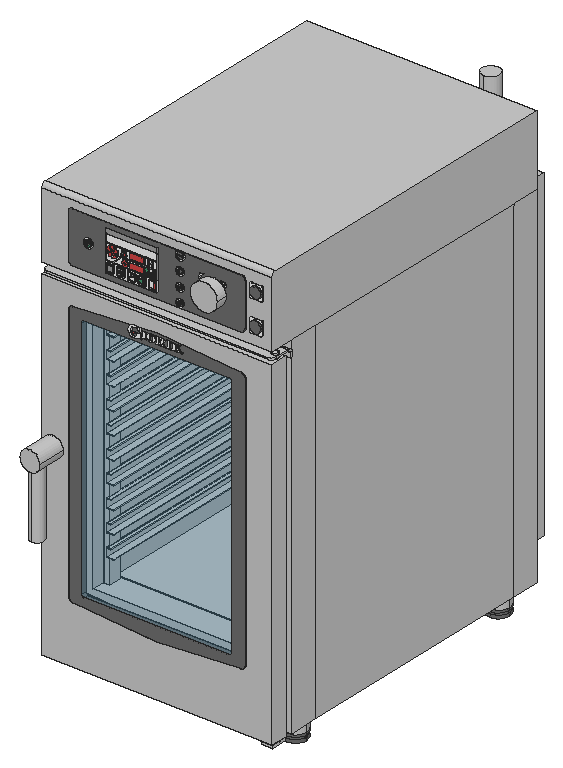
Revit family "QF_GIORIK_KH101_KT101_KP101_KH101W_KT101W_KP101W", category Specialty Equipment, Revit 2014 (continued)
Automatic sketch dimensions
  curve 36 to curve 27 = 3.5 mm
  Extrusion 1 sketch curve to plane 3 "Left" = 0 mm
  plane 4 "Right" to Extrusion 1 sketch curve = 0 mm
  Extrusion 1 sketch curve to plane 7 "Legs height" = 0 mm
  Extrusion 1 sketch curve to plane 6 "Top" = 160 mm
  plane 4 "Right" to Extrusion 2 sketch curve = 0 mm
  Extrusion 2 sketch curve to plane 7 "Legs height" = 0 mm
  plane 4 "Right" to Extrusion 2 sketch curve = 60 mm
  Extrusion 2 sketch curve to Extrusion 2 sketch curve = 10 mm  (x3)
  plane 4 "Right" to Extrusion 2 sketch curve = 259.5 mm  (x2)
  plane 3 "Left" to Extrusion 2 sketch curve = 70 mm  (x2)
  plane 3 "Left" to Extrusion 2 sketch curve = 0 mm
  Extrusion 2 sketch curve to level = 619.096 mm
  plane 7 "Legs height" to Extrusion 2 sketch curve = 140.46 mm  (x2)
  Extrusion 2 sketch curve to plane 6 "Top" = 235.46 mm  (x2)
  Extrusion 2 sketch curve to Extrusion 2 sketch curve = 50.46 mm
  plane 6 "Top" to Extrusion 2 sketch curve = 579.096 mm
  Extrusion 2 sketch curve to Extrusion 2 sketch curve = 0 mm  (x2)
  plane 4 "Right" to Extrusion 4 sketch curve = 90 mm
  Extrusion 4 sketch curve to Extrusion 4 sketch curve = 6 mm  (x3)
  plane 3 "Left" to Extrusion 4 sketch curve = 96 mm  (x2)
  plane 7 "Legs height" to Extrusion 4 sketch curve = 150 mm
  Extrusion 4 sketch curve to plane 6 "Top" = 251 mm
  plane 8 "Front oven" to Extrusion 5 sketch curve = 30 mm  (x2)
  Extrusion 5 sketch curve to Extrusion 5 sketch curve = 1 mm  (x12)
  Extrusion 5 sketch curve to Extrusion 5 sketch curve = 12 mm  (x2)
  Extrusion 5 sketch curve to Extrusion 5 sketch curve = 14 mm  (x2)
  plane 3 "Left" to Extrusion 5 sketch curve = 85 mm  (x2)
  plane 1 "Back" to Extrusion 5 sketch curve = 252 mm  (x2)
  plane 4 "Right" to Extrusion 5 sketch curve = 85 mm  (x2)
  Extrusion 5 sketch curve to Extrusion 5 sketch curve = 24 mm  (x2)
  Extrusion 5 sketch curve to Extrusion 5 sketch curve = 7 mm  (x2)
  Extrusion 5 sketch curve to Extrusion 5 sketch curve = 13.5 mm  (x2)
  Extrusion 5 sketch curve to Extrusion 5 sketch curve = 20.5 mm
  Extrusion 5 sketch curve to Extrusion 5 sketch curve = 21.5 mm
  Extrusion 7 sketch curve to plane 5 "Front" = 0 mm  (x2)
  plane 1 "Back" to Extrusion 7 sketch curve = 0 mm
  Extrusion 7 sketch curve to plane 3 "Left" = 0 mm
  Extrusion 7 sketch curve to plane 4 "Right" = 0 mm
  Extrusion 7 sketch curve to Extrusion 7 sketch curve = 100 mm  (x2)
  Extrusion 7 sketch curve to plane 1 "Back" = 100 mm
  Extrusion 8 sketch curve to plane 4 "Right" = 0 mm
  Extrusion 8 sketch curve to plane 5 "Front" = 0 mm
  Extrusion 8 sketch curve to plane 5 "Front" = 8.06 mm
  Extrusion 8 sketch curve to Extrusion 8 sketch curve = 510.94 mm
  plane 4 "Right" to Extrusion 8 sketch curve = 7.063 mm
  plane 4 "Right" to Extrusion 8 sketch curve = 40 mm
  plane 4 "Right" to Extrusion 9 sketch curve = 60 mm
  Extrusion 9 sketch curve to Extrusion 9 sketch curve = 10 mm  (x3)
  Extrusion 9 sketch curve to Extrusion 9 sketch curve = 20 mm  (x3)
  Extrusion 9 sketch curve to Extrusion 9 sketch curve = 6 mm  (x3)
  plane 4 "Right" to Extrusion 9 sketch curve = 259.5 mm  (x2)
  plane 3 "Left" to Extrusion 9 sketch curve = 96 mm  (x2)
  Extrusion 9 sketch curve to level = 619.096 mm
  plane 7 "Legs height" to Extrusion 9 sketch curve = 140.46 mm  (x2)
  Extrusion 9 sketch curve to Extrusion 9 sketch curve = 9.54 mm
  Extrusion 9 sketch curve to plane 6 "Top" = 251 mm
  Extrusion 9 sketch curve to Extrusion 9 sketch curve = 15.54 mm  (x2)
  plane 6 "Top" to Extrusion 9 sketch curve = 579.096 mm
  Extrusion 9 sketch curve to Extrusion 9 sketch curve = 0 mm  (x2)
  plane 1 "Back" to Extrusion 11 sketch curve = 21 mm
  plane 4 "Right" to Extrusion 11 sketch curve = 219 mm
  curve 3 to plane 5 "Front" = 0 mm
  curve 1 to plane 5 "Front" = 0 mm
  curve 3 to plane 4 "Right" = 100 mm
  curve 2 to plane 3 "Left" = 100 mm
  curve 3 to plane 1 "Back" = 100 mm
  plane 3 "Left" to Extrusion 12 sketch curve = 69.5 mm
  plane 4 "Right" to Extrusion 12 sketch curve = 69.5 mm
  plane 7 "Legs height" to Extrusion 12 sketch curve = 134 mm
  Extrusion 12 sketch curve to plane 6 "Top" = 211 mm
  Extrusion 14 sketch curve to Extrusion 14 sketch curve = 0 mm  (x3)
  Extrusion 14 sketch curve to plane 8 "Front oven" = 0 mm
  Extrusion 14 sketch curve to plane 8 "Front oven" = 3 mm
  Extrusion 14 sketch curve to Extrusion 14 sketch curve = 5.5 mm
  Extrusion 14 sketch curve to plane 6 "Top" = 194 mm
  Extrusion 14 sketch curve to Extrusion 14 sketch curve = 10.501 mm
  Extrusion 14 sketch curve to Extrusion 14 sketch curve = 3 mm
  Extrusion 15 sketch curve to plane 5 "Front" = 0 mm
  Extrusion 15 sketch curve to plane 3 "Left" = 0 mm
  plane 4 "Right" to Extrusion 15 sketch curve = 0 mm
  plane 5 "Front" to Extrusion 15 sketch curve = 10 mm  (x2)
  Extrusion 15 sketch curve to plane 8 "Front oven" = 8.5 mm
  Extrusion 16 sketch curve to Extrusion 16 sketch curve = 0 mm  (x7)
  Extrusion 16 sketch curve to plane 6 "Top" = 89.092 mm
  plane 4 "Right" to Extrusion 16 sketch curve = 260.245 mm
  Extrusion 16 sketch curve to Extrusion 16 sketch curve = 2.604 mm  (x6)
  Extrusion 16 sketch curve to Extrusion 16 sketch curve = 1.396 mm  (x5)
  Extrusion 16 sketch curve to Extrusion 16 sketch curve = 1.978 mm
  Extrusion 16 sketch curve to Extrusion 16 sketch curve = 10.872 mm
  Extrusion 16 sketch curve to Extrusion 16 sketch curve = 118.779 mm
  Extrusion 16 sketch curve to Extrusion 16 sketch curve = 0.7 mm  (x2)
  Extrusion 16 sketch curve to Extrusion 16 sketch curve = 0.8 mm  (x2)
  Extrusion 16 sketch curve to Extrusion 16 sketch curve = 2 mm  (x5)
  Extrusion 16 sketch curve to Extrusion 16 sketch curve = 0.685 mm
  Extrusion 16 sketch curve to Extrusion 16 sketch curve = 11.556 mm
  Extrusion 16 sketch curve to Extrusion 16 sketch curve = 5.556 mm
  Extrusion 16 sketch curve to Extrusion 16 sketch curve = 15.513 mm
  Extrusion 16 sketch curve to plane 6 "Top" = 85 mm
  Extrusion 16 sketch curve to Extrusion 16 sketch curve = 4.77 mm
  Extrusion 16 sketch curve to Extrusion 16 sketch curve = 1.555 mm
  Extrusion 16 sketch curve to Extrusion 16 sketch curve = 1.126 mm
  Extrusion 17 sketch curve to Extrusion 17 sketch curve = 0 mm  (x32)
  Extrusion 17 sketch curve to plane 6 "Top" = 120.283 mm
  plane 4 "Right" to Extrusion 17 sketch curve = 261.5 mm
  Extrusion 17 sketch curve to Extrusion 17 sketch curve = 1.5 mm  (x4)
  Extrusion 17 sketch curve to Extrusion 17 sketch curve = 24.398 mm
  Extrusion 17 sketch curve to Extrusion 17 sketch curve = 30 mm
  Extrusion 17 sketch curve to plane 6 "Top" = 93.8 mm
  Extrusion 17 sketch curve to Extrusion 17 sketch curve = 5.542 mm
  Extrusion 17 sketch curve to plane 6 "Top" = 92.86 mm
  Extrusion 17 sketch curve to Extrusion 17 sketch curve = 0.789 mm
  Extrusion 17 sketch curve to plane 6 "Top" = 97.385 mm
  Extrusion 17 sketch curve to Extrusion 17 sketch curve = 2.211 mm
  Extrusion 17 sketch curve to plane 6 "Top" = 98.402 mm
  Extrusion 17 sketch curve to Extrusion 17 sketch curve = 0.686 mm
  Extrusion 17 sketch curve to Extrusion 17 sketch curve = 9.164 mm
  Extrusion 17 sketch curve to plane 6 "Top" = 97.435 mm
  Extrusion 17 sketch curve to plane 6 "Top" = 95.9 mm
  Extrusion 17 sketch curve to plane 6 "Top" = 96.721 mm
  Extrusion 17 sketch curve to Extrusion 17 sketch curve = 1.058 mm
  Extrusion 17 sketch curve to Extrusion 17 sketch curve = 0.007 mm
  Extrusion 17 sketch curve to plane 6 "Top" = 98.932 mm
  Extrusion 17 sketch curve to Extrusion 17 sketch curve = 0.727 mm
  Extrusion 17 sketch curve to plane 6 "Top" = 92.248 mm
  Extrusion 17 sketch curve to Extrusion 17 sketch curve = 4.43 mm
  Extrusion 17 sketch curve to plane 6 "Top" = 87.723 mm
  Extrusion 17 sketch curve to Extrusion 17 sketch curve = 12.64 mm
  Extrusion 17 sketch curve to plane 6 "Top" = 77.074 mm
  Extrusion 17 sketch curve to Extrusion 17 sketch curve = 0.034 mm
  Extrusion 17 sketch curve to plane 6 "Top" = 83.449 mm
  Extrusion 17 sketch curve to Extrusion 17 sketch curve = 1.389 mm
  Extrusion 17 sketch curve to plane 6 "Top" = 91.136 mm
  Extrusion 17 sketch curve to Extrusion 17 sketch curve = 2.313 mm
  Extrusion 17 sketch curve to Extrusion 17 sketch curve = 2.53 mm
  Extrusion 17 sketch curve to plane 6 "Top" = 87.406 mm
  Extrusion 17 sketch curve to Extrusion 17 sketch curve = 2.705 mm
  Extrusion 17 sketch curve to plane 6 "Top" = 76.294 mm
  Extrusion 17 sketch curve to Extrusion 17 sketch curve = 1.138 mm
  Extrusion 17 sketch curve to plane 6 "Top" = 73.82 mm
  Extrusion 17 sketch curve to Extrusion 17 sketch curve = 3.357 mm
  Extrusion 17 sketch curve to plane 6 "Top" = 82.8 mm
  Extrusion 17 sketch curve to Extrusion 17 sketch curve = 6.172 mm
  Extrusion 17 sketch curve to plane 6 "Top" = 84.401 mm
  Extrusion 17 sketch curve to Extrusion 17 sketch curve = 0.566 mm
  Extrusion 17 sketch curve to plane 6 "Top" = 80.522 mm
  Extrusion 17 sketch curve to Extrusion 17 sketch curve = 0.676 mm
  Extrusion 17 sketch curve to plane 6 "Top" = 91.817 mm
  Extrusion 17 sketch curve to Extrusion 17 sketch curve = 6.481 mm
  Extrusion 17 sketch curve to Extrusion 17 sketch curve = 1.773 mm
  Extrusion 17 sketch curve to plane 6 "Top" = 79.489 mm
  Extrusion 17 sketch curve to Extrusion 17 sketch curve = 1.347 mm
  Extrusion 17 sketch curve to plane 6 "Top" = 85.747 mm
  Extrusion 17 sketch curve to Extrusion 17 sketch curve = 1.957 mm
  Extrusion 17 sketch curve to Extrusion 17 sketch curve = 0.572 mm
  Extrusion 17 sketch curve to Extrusion 17 sketch curve = 0.366 mm
  Extrusion 17 sketch curve to plane 6 "Top" = 85.703 mm
  Extrusion 17 sketch curve to Extrusion 17 sketch curve = 1.697 mm
  Extrusion 17 sketch curve to plane 6 "Top" = 79.428 mm
  Extrusion 17 sketch curve to Extrusion 17 sketch curve = 1.163 mm
  Extrusion 17 sketch curve to Extrusion 17 sketch curve = 1.291 mm
  Extrusion 17 sketch curve to plane 6 "Top" = 94.459 mm
  Extrusion 17 sketch curve to Extrusion 17 sketch curve = 3.636 mm
  Extrusion 17 sketch curve to plane 6 "Top" = 70.562 mm
  Extrusion 17 sketch curve to Extrusion 17 sketch curve = 5.644 mm
  Extrusion 17 sketch curve to plane 6 "Top" = 91.788 mm
  Extrusion 17 sketch curve to Extrusion 17 sketch curve = 0.534 mm
  Extrusion 17 sketch curve to plane 6 "Top" = 80.39 mm
  Extrusion 17 sketch curve to Extrusion 17 sketch curve = 1.399 mm
  Extrusion 17 sketch curve to plane 6 "Top" = 84.258 mm
  Extrusion 17 sketch curve to plane 6 "Top" = 82.63 mm
  Extrusion 17 sketch curve to plane 6 "Top" = 73.81 mm
  Extrusion 17 sketch curve to Extrusion 17 sketch curve = 1.875 mm
  Extrusion 17 sketch curve to plane 6 "Top" = 93.314 mm
  Extrusion 17 sketch curve to Extrusion 17 sketch curve = 3.426 mm
  Extrusion 17 sketch curve to plane 6 "Top" = 71.963 mm
  Extrusion 17 sketch curve to Extrusion 17 sketch curve = 2.001 mm
  Extrusion 17 sketch curve to plane 6 "Top" = 76.238 mm
  Extrusion 17 sketch curve to Extrusion 17 sketch curve = 3.39 mm
  Extrusion 17 sketch curve to plane 6 "Top" = 87.36 mm
  Extrusion 17 sketch curve to Extrusion 17 sketch curve = 5.374 mm
  Extrusion 17 sketch curve to plane 6 "Top" = 83.385 mm
  Extrusion 17 sketch curve to Extrusion 17 sketch curve = 1.262 mm
  Extrusion 17 sketch curve to plane 6 "Top" = 84.718 mm
  Extrusion 17 sketch curve to Extrusion 17 sketch curve = 2.375 mm
  Extrusion 17 sketch curve to plane 6 "Top" = 80.599 mm
  Extrusion 17 sketch curve to Extrusion 17 sketch curve = 2.509 mm
  Extrusion 17 sketch curve to Extrusion 17 sketch curve = 2.12 mm  (x2)
  Extrusion 17 sketch curve to Extrusion 17 sketch curve = 7.859 mm  (x2)
  Extrusion 17 sketch curve to Extrusion 17 sketch curve = 5.742 mm
  Extrusion 17 sketch curve to Extrusion 17 sketch curve = 0.426 mm
  Extrusion 17 sketch curve to Extrusion 17 sketch curve = 12.559 mm  (x2)
  Extrusion 17 sketch curve to Extrusion 17 sketch curve = 7.441 mm
  Extrusion 17 sketch curve to Extrusion 17 sketch curve = 2.137 mm
  plane 4 "Right" to Extrusion 18 sketch curve = 1 mm
  plane 5 "Front" to Extrusion 18 sketch curve = 3.5 mm
  Extrusion 18 sketch curve to plane 8 "Front oven" = 16.5 mm
  Extrusion 18 sketch curve to plane 8 "Front oven" = 4 mm
  plane 8 "Front oven" to Extrusion 18 sketch curve = 1.5 mm
  plane 8 "Front oven" to Extrusion 18 sketch curve = 56 mm
  Extrusion 18 sketch curve to Extrusion 18 sketch curve = 0 mm
  Extrusion 18 sketch curve to Extrusion 18 sketch curve = 16.248 mm
  plane 4 "Right" to Extrusion 18 sketch curve = 19 mm
  Extrusion 18 sketch curve to Extrusion 18 sketch curve = 25 mm
  Extrusion 18 sketch curve to Extrusion 18 sketch curve = 12 mm
  Extrusion 18 sketch curve to Extrusion 18 sketch curve = 19 mm
  Extrusion 18 sketch curve to Extrusion 18 sketch curve = 10 mm
  plane 4 "Right" to Revolve 19 sketch curve = 11.5 mm
  Revolve 19 sketch curve to Revolve 19 sketch curve = 3.5 mm  (x3)
  Revolve 19 sketch curve to Revolve 19 sketch curve = 6 mm
  Revolve 19 sketch curve to plane 6 "Top" = 185 mm
  Revolve 19 sketch curve to Revolve 19 sketch curve = 4.5 mm  (x2)
  Revolve 19 sketch curve to Revolve 19 sketch curve = 2.5 mm
  Revolve 19 sketch curve to Revolve 19 sketch curve = 3.901 mm
  Revolve 19 sketch curve to Revolve 19 sketch curve = 0 mm  (x3)
  Revolve 20 sketch curve to plane 7 "Legs height" = 0 mm  (x2)
  plane 4 "Right" to Revolve 20 sketch curve = 11.5 mm
  Revolve 20 sketch curve to Revolve 20 sketch curve = 3.5 mm  (x3)
  Revolve 20 sketch curve to Revolve 20 sketch curve = 2.5 mm
  Revolve 20 sketch curve to Revolve 20 sketch curve = 7 mm
  Revolve 20 sketch curve to Revolve 20 sketch curve = 3.901 mm
  Revolve 20 sketch curve to Revolve 20 sketch curve = 0 mm  (x2)
  Extrusion 21 sketch curve to plane 4 "Right" = 25 mm
  Extrusion 21 sketch curve to plane 7 "Legs height" = 430 mm
  plane 5 "Front" to Extrusion 23 sketch curve = 46 mm
  Extrusion 23 sketch curve to plane 4 "Right" = 25 mm
  Extrusion 25 sketch curve to Extrusion 25 sketch curve = 0 mm  (x11)
  Extrusion 25 sketch curve to plane 6 "Top" = 66.895 mm  (x2)
  plane 4 "Right" to Extrusion 25 sketch curve = 103.895 mm
  Extrusion 25 sketch curve to plane 6 "Top" = 55.514 mm  (x2)
  Extrusion 25 sketch curve to Extrusion 25 sketch curve = 1.599 mm  (x2)
  Extrusion 25 sketch curve to Extrusion 25 sketch curve = 9.467 mm  (x2)
  Extrusion 25 sketch curve to Extrusion 25 sketch curve = 26.569 mm
  Extrusion 25 sketch curve to Extrusion 25 sketch curve = 7.071 mm
  Extrusion 25 sketch curve to Extrusion 25 sketch curve = 15.503 mm
  Extrusion 25 sketch curve to Extrusion 25 sketch curve = 37.995 mm
  Extrusion 25 sketch curve to Extrusion 25 sketch curve = 37.895 mm
  Extrusion 25 sketch curve to Extrusion 25 sketch curve = 1.233 mm
  Extrusion 25 sketch curve to Extrusion 25 sketch curve = 4 mm
  Extrusion 25 sketch curve to plane 6 "Top" = 65.195 mm
  Extrusion 25 sketch curve to Extrusion 25 sketch curve = 3.251 mm
  Extrusion 25 sketch curve to Extrusion 25 sketch curve = 6.5 mm  (x2)
  Extrusion 25 sketch curve to Extrusion 25 sketch curve = 1 mm  (x7)
  Extrusion 25 sketch curve to Extrusion 25 sketch curve = 0.516 mm
  Extrusion 25 sketch curve to Extrusion 25 sketch curve = 5 mm  (x2)
  Extrusion 25 sketch curve to Extrusion 25 sketch curve = 2.807 mm
  Extrusion 25 sketch curve to plane 6 "Top" = 63.441 mm
  Extrusion 25 sketch curve to Extrusion 25 sketch curve = 0.953 mm
  Extrusion 25 sketch curve to Extrusion 25 sketch curve = 44.5 mm
  Extrusion 25 sketch curve to plane 6 "Top" = 40 mm
  Extrusion 25 sketch curve to Extrusion 25 sketch curve = 116 mm
  Extrusion 25 sketch curve to Extrusion 25 sketch curve = 40 mm
  Extrusion 25 sketch curve to Extrusion 25 sketch curve = 34.378 mm
  Extrusion 25 sketch curve to Extrusion 25 sketch curve = 1.427 mm
  Extrusion 25 sketch curve to Extrusion 25 sketch curve = 2.881 mm
  Extrusion 25 sketch curve to Extrusion 25 sketch curve = 27.547 mm
  Extrusion 25 sketch curve to Extrusion 25 sketch curve = 28.047 mm
  Extrusion 25 sketch curve to Extrusion 25 sketch curve = 2.291 mm
  Extrusion 25 sketch curve to Extrusion 25 sketch curve = 0.209 mm
  Extrusion 25 sketch curve to Extrusion 25 sketch curve = 3 mm
  Extrusion 25 sketch curve to Extrusion 25 sketch curve = 45 mm
  Extrusion 25 sketch curve to Extrusion 25 sketch curve = 8.188 mm
  Extrusion 25 sketch curve to Extrusion 25 sketch curve = 3.805 mm
  Extrusion 25 sketch curve to Extrusion 25 sketch curve = 2.051 mm
  Extrusion 25 sketch curve to Extrusion 25 sketch curve = 1.254 mm
  Extrusion 25 sketch curve to Extrusion 25 sketch curve = 25.941 mm
  Extrusion 25 sketch curve to Extrusion 25 sketch curve = 0.5 mm
  Extrusion 26 sketch curve to Extrusion 26 sketch curve = 0 mm  (x64)
  Extrusion 26 sketch curve to plane 6 "Top" = 105 mm
  plane 4 "Right" to Extrusion 26 sketch curve = 258 mm
  Extrusion 26 sketch curve to Extrusion 26 sketch curve = 1 mm  (x18)
  Extrusion 26 sketch curve to Extrusion 26 sketch curve = 1.5 mm
  Extrusion 26 sketch curve to Extrusion 26 sketch curve = 0.5 mm
  Extrusion 26 sketch curve to Extrusion 26 sketch curve = 2 mm  (x13)
  Extrusion 26 sketch curve to Extrusion 26 sketch curve = 8.26 mm  (x2)
  Extrusion 26 sketch curve to Extrusion 26 sketch curve = 1.62 mm  (x3)
  Extrusion 26 sketch curve to Extrusion 26 sketch curve = 9.5 mm  (x2)
  Extrusion 26 sketch curve to Extrusion 26 sketch curve = 7.957 mm
  Extrusion 26 sketch curve to Extrusion 26 sketch curve = 6 mm  (x4)
  Extrusion 26 sketch curve to Extrusion 26 sketch curve = 1.514 mm
  Extrusion 26 sketch curve to Extrusion 26 sketch curve = 0.717 mm  (x2)
  Extrusion 26 sketch curve to Extrusion 26 sketch curve = 1.202 mm
  Extrusion 26 sketch curve to Extrusion 26 sketch curve = 10.283 mm
  Extrusion 26 sketch curve to Extrusion 26 sketch curve = 10.081 mm
  Extrusion 26 sketch curve to Extrusion 26 sketch curve = 0.961 mm
  Extrusion 26 sketch curve to Extrusion 26 sketch curve = 1.658 mm
  Extrusion 26 sketch curve to Extrusion 26 sketch curve = 2.455 mm
  Extrusion 26 sketch curve to Extrusion 26 sketch curve = 1.267 mm
  Extrusion 26 sketch curve to Extrusion 26 sketch curve = 2.654 mm
  Extrusion 26 sketch curve to plane 6 "Top" = 117.623 mm
  Extrusion 26 sketch curve to Extrusion 26 sketch curve = 2.67 mm
  Extrusion 26 sketch curve to plane 6 "Top" = 116.404 mm
  Extrusion 26 sketch curve to Extrusion 26 sketch curve = 1.218 mm
  Extrusion 26 sketch curve to plane 6 "Top" = 121.754 mm
  Extrusion 26 sketch curve to Extrusion 26 sketch curve = 4.131 mm
  Extrusion 26 sketch curve to Extrusion 26 sketch curve = 0.609 mm  (x2)
  Extrusion 26 sketch curve to plane 6 "Top" = 120.535 mm
  Extrusion 26 sketch curve to Extrusion 26 sketch curve = 1.312 mm
  Extrusion 26 sketch curve to Extrusion 26 sketch curve = 4.225 mm
  Extrusion 26 sketch curve to Extrusion 26 sketch curve = 0.767 mm
  Extrusion 26 sketch curve to Extrusion 26 sketch curve = 1.946 mm  (x2)
  Extrusion 26 sketch curve to Extrusion 26 sketch curve = 3.893 mm
  Extrusion 26 sketch curve to Extrusion 26 sketch curve = 0.573 mm
  Extrusion 26 sketch curve to Extrusion 26 sketch curve = 10.054 mm  (x2)
  Extrusion 26 sketch curve to Extrusion 26 sketch curve = 1.19 mm  (x2)
  Extrusion 26 sketch curve to Extrusion 26 sketch curve = 0.81 mm
  Extrusion 26 sketch curve to Extrusion 26 sketch curve = 3.631 mm
  Extrusion 26 sketch curve to Extrusion 26 sketch curve = 3.68 mm
  Extrusion 26 sketch curve to Extrusion 26 sketch curve = 4.689 mm
  Extrusion 26 sketch curve to Extrusion 26 sketch curve = 7.689 mm
  Extrusion 26 sketch curve to Extrusion 26 sketch curve = 17.403 mm
  Extrusion 26 sketch curve to Extrusion 26 sketch curve = 3.422 mm
  Extrusion 26 sketch curve to Extrusion 26 sketch curve = 2.246 mm
  Extrusion 26 sketch curve to Extrusion 26 sketch curve = 1.597 mm
  Extrusion 26 sketch curve to Extrusion 26 sketch curve = 0.042 mm
  Extrusion 26 sketch curve to Extrusion 26 sketch curve = 2.769 mm  (x2)
  Extrusion 26 sketch curve to Extrusion 26 sketch curve = 1.7 mm
  Extrusion 26 sketch curve to Extrusion 26 sketch curve = 2.12 mm
  Extrusion 26 sketch curve to Extrusion 26 sketch curve = 2.231 mm
  Extrusion 26 sketch curve to Extrusion 26 sketch curve = 1.147 mm
  Extrusion 26 sketch curve to Extrusion 26 sketch curve = 3.002 mm
  Extrusion 26 sketch curve to Extrusion 26 sketch curve = 6.3 mm
  Extrusion 26 sketch curve to Extrusion 26 sketch curve = 1.883 mm
  Extrusion 26 sketch curve to Extrusion 26 sketch curve = 7.859 mm
  Extrusion 26 sketch curve to Extrusion 26 sketch curve = 0.615 mm
  Extrusion 26 sketch curve to Extrusion 26 sketch curve = 4.404 mm
  Extrusion 26 sketch curve to Extrusion 26 sketch curve = 0.424 mm
  Extrusion 26 sketch curve to Extrusion 26 sketch curve = 2.306 mm
  Extrusion 26 sketch curve to Extrusion 26 sketch curve = 7 mm
  Extrusion 26 sketch curve to Extrusion 26 sketch curve = 0.463 mm
  Extrusion 26 sketch curve to Extrusion 26 sketch curve = 5 mm  (x2)
  Extrusion 26 sketch curve to Extrusion 26 sketch curve = 17.245 mm
  Extrusion 26 sketch curve to Extrusion 26 sketch curve = 2.495 mm
  Extrusion 26 sketch curve to Extrusion 26 sketch curve = 5.681 mm  (x3)
  Extrusion 26 sketch curve to Extrusion 26 sketch curve = 1.6 mm
  Extrusion 26 sketch curve to Extrusion 26 sketch curve = 2.544 mm
  Extrusion 26 sketch curve to Extrusion 26 sketch curve = 16.755 mm
  Extrusion 26 sketch curve to Extrusion 26 sketch curve = 10 mm
  plane 4 "Right" to Extrusion 27 sketch curve = 201.553 mm
  Extrusion 27 sketch curve to Extrusion 27 sketch curve = 2.606 mm
  Extrusion 27 sketch curve to Extrusion 27 sketch curve = 3.123 mm
  Extrusion 27 sketch curve to Extrusion 27 sketch curve = 3.991 mm
  Extrusion 27 sketch curve to Extrusion 27 sketch curve = 1.949 mm
  Extrusion 27 sketch curve to Extrusion 27 sketch curve = 1.182 mm
  Extrusion 27 sketch curve to Extrusion 27 sketch curve = 6.627 mm
  Extrusion 27 sketch curve to Extrusion 27 sketch curve = 1.25 mm
  Extrusion 27 sketch curve to Extrusion 27 sketch curve = 2.454 mm
  Extrusion 27 sketch curve to Extrusion 27 sketch curve = 1.353 mm  (x2)
  Extrusion 27 sketch curve to Extrusion 27 sketch curve = 3.69 mm
  Extrusion 27 sketch curve to Extrusion 27 sketch curve = 2.793 mm  (x10)
  Extrusion 27 sketch curve to Extrusion 27 sketch curve = 5.413 mm  (x3)
  Extrusion 27 sketch curve to Extrusion 27 sketch curve = 2 mm  (x2)
  Extrusion 27 sketch curve to Extrusion 27 sketch curve = 2.002 mm
  Extrusion 27 sketch curve to Extrusion 27 sketch curve = 3.133 mm
  Extrusion 27 sketch curve to Extrusion 27 sketch curve = 9.013 mm
  Extrusion 27 sketch curve to Extrusion 27 sketch curve = 4.511 mm
  Extrusion 27 sketch curve to Extrusion 27 sketch curve = 3.34 mm
  Extrusion 27 sketch curve to Extrusion 27 sketch curve = 0.132 mm
  Extrusion 27 sketch curve to Extrusion 27 sketch curve = 3.46 mm
  Extrusion 27 sketch curve to Extrusion 27 sketch curve = 3.675 mm
  Extrusion 27 sketch curve to Extrusion 27 sketch curve = 0 mm  (x18)
  Extrusion 27 sketch curve to Extrusion 27 sketch curve = 5.566 mm
  Extrusion 27 sketch curve to Extrusion 27 sketch curve = 2.285 mm
  Extrusion 27 sketch curve to Extrusion 27 sketch curve = 2.551 mm
  Extrusion 27 sketch curve to Extrusion 27 sketch curve = 5.945 mm
  Extrusion 27 sketch curve to Extrusion 27 sketch curve = 0.022 mm  (x2)
  Extrusion 27 sketch curve to Extrusion 27 sketch curve = 4 mm
  Extrusion 27 sketch curve to Extrusion 27 sketch curve = 5.91 mm  (x2)
  Extrusion 27 sketch curve to Extrusion 27 sketch curve = 1.141 mm
  Extrusion 27 sketch curve to Extrusion 27 sketch curve = 6.081 mm
  Extrusion 27 sketch curve to Extrusion 27 sketch curve = 4.16 mm
  Extrusion 27 sketch curve to Extrusion 27 sketch curve = 2.507 mm
  Extrusion 27 sketch curve to Extrusion 27 sketch curve = 1.366 mm
  Extrusion 27 sketch curve to Extrusion 27 sketch curve = 4.893 mm
  Extrusion 27 sketch curve to Extrusion 27 sketch curve = 6.586 mm
  Extrusion 27 sketch curve to Extrusion 27 sketch curve = 2.154 mm
  Extrusion 27 sketch curve to Extrusion 27 sketch curve = 2.256 mm
  Extrusion 27 sketch curve to Extrusion 27 sketch curve = 0.578 mm
  Extrusion 27 sketch curve to Extrusion 27 sketch curve = 1.392 mm
  Extrusion 27 sketch curve to Extrusion 27 sketch curve = 1.974 mm
  Extrusion 27 sketch curve to Extrusion 27 sketch curve = 1.347 mm
  Extrusion 27 sketch curve to Extrusion 27 sketch curve = 1.469 mm
  Extrusion 27 sketch curve to Extrusion 27 sketch curve = 4.081 mm
  Extrusion 27 sketch curve to plane 6 "Top" = 239.528 mm
  Extrusion 27 sketch curve to Extrusion 27 sketch curve = 2.317 mm
  Extrusion 27 sketch curve to Extrusion 27 sketch curve = 3.242 mm
  Extrusion 27 sketch curve to Extrusion 27 sketch curve = 3.564 mm
  Extrusion 27 sketch curve to Extrusion 27 sketch curve = 0.899 mm
  Extrusion 27 sketch curve to Extrusion 27 sketch curve = 1.294 mm
  Extrusion 27 sketch curve to Extrusion 27 sketch curve = 2.894 mm  (x2)
  Extrusion 27 sketch curve to Extrusion 27 sketch curve = 1 mm
  Extrusion 27 sketch curve to Extrusion 27 sketch curve = 1.461 mm
  Extrusion 27 sketch curve to Extrusion 27 sketch curve = 1.786 mm
  Extrusion 27 sketch curve to Extrusion 27 sketch curve = 1.919 mm
  Extrusion 27 sketch curve to Extrusion 27 sketch curve = 2.046 mm
  Extrusion 27 sketch curve to Extrusion 27 sketch curve = 1.137 mm
  Extrusion 27 sketch curve to Extrusion 27 sketch curve = 2.344 mm  (x8)
  Extrusion 27 sketch curve to Extrusion 27 sketch curve = 3.153 mm
  Extrusion 27 sketch curve to Extrusion 27 sketch curve = 3.783 mm
  Extrusion 27 sketch curve to Extrusion 27 sketch curve = 1.816 mm  (x2)
  Extrusion 27 sketch curve to Extrusion 27 sketch curve = 1.67 mm
  Extrusion 27 sketch curve to Extrusion 27 sketch curve = 3.513 mm
  Extrusion 27 sketch curve to Extrusion 27 sketch curve = 2.539 mm
  Extrusion 27 sketch curve to Extrusion 27 sketch curve = 4.042 mm
  Extrusion 27 sketch curve to Extrusion 27 sketch curve = 0.806 mm
  Extrusion 27 sketch curve to Extrusion 27 sketch curve = 0.873 mm
  Extrusion 27 sketch curve to Extrusion 27 sketch curve = 4.868 mm
  Extrusion 27 sketch curve to Extrusion 27 sketch curve = 2.243 mm
  Extrusion 27 sketch curve to Extrusion 27 sketch curve = 0.326 mm
  Extrusion 27 sketch curve to Extrusion 27 sketch curve = 2.593 mm  (x3)
  Extrusion 27 sketch curve to Extrusion 27 sketch curve = 1.506 mm
  Extrusion 27 sketch curve to Extrusion 27 sketch curve = 1.887 mm
  Extrusion 27 sketch curve to Extrusion 27 sketch curve = 1.99 mm
  Extrusion 27 sketch curve to Extrusion 27 sketch curve = 2.691 mm
  Extrusion 27 sketch curve to Extrusion 27 sketch curve = 3.345 mm
  Extrusion 27 sketch curve to Extrusion 27 sketch curve = 0.743 mm
  Extrusion 27 sketch curve to Extrusion 27 sketch curve = 3.185 mm
  Extrusion 27 sketch curve to Extrusion 27 sketch curve = 0.206 mm
  Extrusion 27 sketch curve to Extrusion 27 sketch curve = 2.753 mm
  Extrusion 27 sketch curve to Extrusion 27 sketch curve = 4.912 mm  (x2)
  Extrusion 27 sketch curve to Extrusion 27 sketch curve = 2.294 mm
  Extrusion 27 sketch curve to Extrusion 27 sketch curve = 3.131 mm
  Extrusion 27 sketch curve to Extrusion 27 sketch curve = 0.143 mm
  Extrusion 27 sketch curve to Extrusion 27 sketch curve = 1.861 mm
  Extrusion 27 sketch curve to Extrusion 27 sketch curve = 0.168 mm
  Extrusion 27 sketch curve to Extrusion 27 sketch curve = 2.712 mm
  Extrusion 27 sketch curve to Extrusion 27 sketch curve = 2.054 mm
  Extrusion 27 sketch curve to Extrusion 27 sketch curve = 1.787 mm
  plane 3 "Left" to Extrusion 28 sketch curve = 214.848 mm
  Extrusion 28 sketch curve to Extrusion 28 sketch curve = 6 mm  (x2)
  Extrusion 28 sketch curve to plane 6 "Top" = 232.105 mm
  Extrusion 28 sketch curve to Extrusion 28 sketch curve = 5 mm
  plane 4 "Right" to Extrusion 31 sketch curve = 50 mm
  plane 1 "Back" to Extrusion 31 sketch curve = 102 mm
  plane 4 "Right" to Extrusion 32 sketch curve = 50 mm
  plane 1 "Back" to Extrusion 32 sketch curve = 102 mm
  plane 4 "Right" to Extrusion 35 sketch curve = 50 mm
  plane 8 "Front oven" to Extrusion 35 sketch curve = 73 mm
  plane 4 "Right" to Extrusion 36 sketch curve = 50 mm
  plane 8 "Front oven" to Extrusion 36 sketch curve = 73 mm
  plane 4 "Right" to Extrusion 38 sketch curve = 50 mm
  plane 1 "Back" to Extrusion 38 sketch curve = 102 mm
  plane 4 "Right" to Extrusion 40 sketch curve = 50 mm
  plane 8 "Front oven" to Extrusion 40 sketch curve = 73 mm
  plane 4 "Right" to Extrusion 42 sketch curve = 50 mm
  plane 1 "Back" to Extrusion 42 sketch curve = 102 mm
  plane 4 "Right" to Extrusion 44 sketch curve = 50 mm
  plane 8 "Front oven" to Extrusion 44 sketch curve = 73 mm
  Extrusion 45 sketch curve to plane 3 "Left" = 0 mm
  plane 4 "Right" to Extrusion 45 sketch curve = 0 mm
  Extrusion 45 sketch curve to plane 7 "Legs height" = 0 mm
  Extrusion 45 sketch curve to plane 6 "Top" = 160 mm
  plane 4 "Right" to Extrusion 46 sketch curve = 60 mm
  Extrusion 46 sketch curve to Extrusion 46 sketch curve = 10 mm  (x3)
  plane 3 "Left" to Extrusion 46 sketch curve = 259.5 mm  (x2)
  plane 3 "Left" to Extrusion 46 sketch curve = 70 mm  (x2)
  Extrusion 46 sketch curve to level = 1741.516 mm
  Extrusion 46 sketch curve to plane 6 "Top" = 132.754 mm  (x2)
  Extrusion 46 sketch curve to plane 6 "Top" = 37.246 mm  (x2)
  plane 6 "Top" to Extrusion 46 sketch curve = 2341.516 mm
  Extrusion 46 sketch curve to Extrusion 46 sketch curve = 0 mm  (x2)
  plane 3 "Left" to Extrusion 47 sketch curve = 30 mm
  plane 4 "Right" to Extrusion 47 sketch curve = 30 mm
  plane 7 "Legs height" to Extrusion 47 sketch curve = 60 mm
  Extrusion 47 sketch curve to plane 6 "Top" = 160 mm
  Extrusion 48 sketch curve to plane 5 "Front" = 0 mm
  Extrusion 48 sketch curve to plane 6 "Top" = 0 mm
  plane 5 "Front" to Extrusion 48 sketch curve = 10 mm
  plane 5 "Front" to Extrusion 48 sketch curve = 10.1 mm
  plane 1 "Back" to Extrusion 48 sketch curve = 55 mm
  Extrusion 48 sketch curve to plane 6 "Top" = 10 mm
  Extrusion 48 sketch curve to plane 6 "Top" = 160 mm
  plane 3 "Left" to Revolve 49 sketch curve = 11.5 mm
  Revolve 49 sketch curve to Revolve 49 sketch curve = 3.5 mm  (x3)
  Revolve 49 sketch curve to Revolve 49 sketch curve = 6 mm
  Revolve 49 sketch curve to plane 6 "Top" = 169.599 mm
  Revolve 49 sketch curve to Revolve 49 sketch curve = 3.901 mm
  Revolve 49 sketch curve to Revolve 49 sketch curve = 4.5 mm  (x2)
  Revolve 49 sketch curve to Revolve 49 sketch curve = 2.5 mm
  Revolve 49 sketch curve to Revolve 49 sketch curve = 0 mm  (x3)
  plane 8 "Front oven" to Extrusion 50 sketch curve = 23 mm
  plane 8 "Front oven" to Extrusion 50 sketch curve = 36 mm
  Extrusion 50 sketch curve to Extrusion 50 sketch curve = 25 mm
  plane 4 "Right" to Extrusion 50 sketch curve = 27 mm
  Extrusion 50 sketch curve to Extrusion 50 sketch curve = 44 mm
  Extrusion 50 sketch curve to Extrusion 50 sketch curve = 0 mm
  Extrusion 53 sketch curve to plane 6 "Top" = 85 mm
  plane 4 "Right" to Extrusion 53 sketch curve = 134 mm
  plane 3 "Left" to Extrusion 54 sketch curve = 49.25 mm  (x2)
  Extrusion 54 sketch curve to plane 6 "Top" = 137.021 mm
  plane 3 "Left" to Extrusion 54 sketch curve = 58.5 mm
  Extrusion 54 sketch curve to Extrusion 54 sketch curve = 16.021 mm  (x3)
  plane 3 "Left" to Extrusion 54 sketch curve = 21.5 mm
  Extrusion 54 sketch curve to Extrusion 54 sketch curve = 9.25 mm
  Extrusion 54 sketch curve to Extrusion 54 sketch curve = 18.5 mm
  plane 3 "Left" to Extrusion 55 sketch curve = 40 mm
  Extrusion 55 sketch curve to plane 6 "Top" = 121 mm
  plane 3 "Left" to Extrusion 56 sketch curve = 49.25 mm  (x2)
  Extrusion 56 sketch curve to plane 6 "Top" = 137.021 mm
  plane 3 "Left" to Extrusion 56 sketch curve = 58.5 mm
  Extrusion 56 sketch curve to Extrusion 56 sketch curve = 16.021 mm  (x3)
  plane 3 "Left" to Extrusion 56 sketch curve = 21.5 mm
  Extrusion 56 sketch curve to Extrusion 56 sketch curve = 18.5 mm  (x2)
  plane 1 "Back" to Revolve 57 sketch curve = 32 mm
  Revolve 57 sketch curve to plane 6 "Top" = 121 mm
  Revolve 57 sketch curve to Revolve 57 sketch curve = 7 mm
  Revolve 57 sketch curve to Revolve 57 sketch curve = 4 mm
  Revolve 57 sketch curve to Revolve 57 sketch curve = 9 mm
  Revolve 57 sketch curve to Revolve 57 sketch curve = 8 mm
  Revolve 57 sketch curve to Revolve 57 sketch curve = 0 mm  (x3)
  Extrusion 58 sketch curve to Extrusion 58 sketch curve = 0 mm  (x2)
  plane 1 "Back" to Extrusion 58 sketch curve = 43 mm
  Extrusion 58 sketch curve to Extrusion 58 sketch curve = 2 mm
  Extrusion 58 sketch curve to Extrusion 58 sketch curve = 5 mm
  Extrusion 58 sketch curve to Extrusion 58 sketch curve = 3 mm
  Extrusion 58 sketch curve to Extrusion 58 sketch curve = 12 mm
  Extrusion 58 sketch curve to plane 6 "Top" = 150 mm
  Extrusion 58 sketch curve to plane 6 "Top" = 70 mm
  Extrusion 58 sketch curve to Extrusion 58 sketch curve = 7 mm
  plane 1 "Back" to Blend 59 sketch curve = 27 mm  (x2)
  plane 4 "Right" to Blend 59 sketch curve = 127 mm  (x2)
  plane 1 "Back" to Extrusion 60 sketch curve = 27 mm
  plane 4 "Right" to Extrusion 60 sketch curve = 127 mm
  plane 4 "Right" to Extrusion 61 sketch curve = 0 mm
  Extrusion 61 sketch curve to plane 3 "Left" = 0 mm
  Extrusion 61 sketch curve to plane 7 "Legs height" = 0 mm
  plane 4 "Right" to Extrusion 61 sketch curve = 84 mm
  plane 3 "Left" to Extrusion 61 sketch curve = 69.5 mm
  plane 7 "Legs height" to Extrusion 61 sketch curve = 134 mm
  Extrusion 61 sketch curve to plane 6 "Top" = 211 mm
  Extrusion 61 sketch curve to Extrusion 61 sketch curve = 51 mm
  plane 4 "Right" to Extrusion 62 sketch curve = 14.937 mm
  Extrusion 62 sketch curve to Extrusion 62 sketch curve = 15 mm  (x3)
  plane 3 "Left" to Extrusion 62 sketch curve = 29.937 mm
  plane 3 "Left" to Extrusion 62 sketch curve = 14.937 mm
  plane 7 "Legs height" to Extrusion 62 sketch curve = 15 mm
  Extrusion 62 sketch curve to plane 6 "Top" = 215 mm
  plane 4 "Right" to Extrusion 63 sketch curve = 20 mm
  Extrusion 63 sketch curve to Extrusion 63 sketch curve = 3 mm  (x3)
  Extrusion 63 sketch curve to Extrusion 63 sketch curve = 22 mm  (x2)
  Extrusion 63 sketch curve to plane 6 "Top" = 66 mm
  Extrusion 63 sketch curve to Extrusion 63 sketch curve = 26 mm
  plane 4 "Right" to Extrusion 64 sketch curve = 34 mm
  Extrusion 64 sketch curve to plane 6 "Top" = 50 mm
  plane 4 "Right" to Extrusion 65 sketch curve = 20 mm
  Extrusion 65 sketch curve to Extrusion 65 sketch curve = 3 mm  (x3)
  Extrusion 65 sketch curve to Extrusion 65 sketch curve = 22 mm  (x2)
  Extrusion 65 sketch curve to plane 6 "Top" = 136 mm
  Extrusion 65 sketch curve to Extrusion 65 sketch curve = 26 mm
  plane 4 "Right" to Extrusion 66 sketch curve = 34 mm
  Extrusion 66 sketch curve to plane 6 "Top" = 120 mm
  Extrusion 67 sketch curve to Extrusion 67 sketch curve = 0 mm  (x18)
  Extrusion 67 sketch curve to plane 6 "Top" = 78 mm  (x2)
  plane 4 "Right" to Extrusion 67 sketch curve = 191 mm
  Extrusion 67 sketch curve to Extrusion 67 sketch curve = 50 mm  (x2)
  Extrusion 67 sketch curve to Extrusion 67 sketch curve = 10 mm
  Extrusion 67 sketch curve to Extrusion 67 sketch curve = 15 mm  (x2)
  Extrusion 67 sketch curve to Extrusion 67 sketch curve = 45 mm  (x2)
  Extrusion 67 sketch curve to Extrusion 67 sketch curve = 21.5 mm
  Extrusion 67 sketch curve to Extrusion 67 sketch curve = 0.7 mm  (x2)
  Extrusion 67 sketch curve to Extrusion 67 sketch curve = 0.8 mm  (x2)
  Extrusion 67 sketch curve to Extrusion 67 sketch curve = 8 mm
  Extrusion 67 sketch curve to Extrusion 67 sketch curve = 4.77 mm
  Extrusion 67 sketch curve to Extrusion 67 sketch curve = 1.555 mm
  Extrusion 67 sketch curve to Extrusion 67 sketch curve = 1.126 mm
  Extrusion 67 sketch curve to Extrusion 67 sketch curve = 16 mm
  plane 4 "Right" to Extrusion 68 sketch curve = 95 mm
  Extrusion 68 sketch curve to plane 6 "Top" = 85 mm
  Extrusion 69 sketch curve to Extrusion 69 sketch curve = 0 mm  (x39)
  plane 4 "Right" to Extrusion 69 sketch curve = 132.474 mm
  Extrusion 69 sketch curve to Extrusion 69 sketch curve = 0.861 mm  (x2)
  Extrusion 69 sketch curve to Extrusion 69 sketch curve = 3.72 mm
  Extrusion 69 sketch curve to Extrusion 69 sketch curve = 4.665 mm
  Extrusion 69 sketch curve to Extrusion 69 sketch curve = 0.945 mm
  Extrusion 69 sketch curve to Extrusion 69 sketch curve = 0.166 mm
  Extrusion 69 sketch curve to Extrusion 69 sketch curve = 1.111 mm
  Extrusion 69 sketch curve to Extrusion 69 sketch curve = 4.341 mm
  Extrusion 69 sketch curve to Extrusion 69 sketch curve = 0.927 mm
  Extrusion 69 sketch curve to Extrusion 69 sketch curve = 24.824 mm
  Extrusion 69 sketch curve to Extrusion 69 sketch curve = 21.15 mm
  Extrusion 69 sketch curve to Extrusion 69 sketch curve = 1.06 mm  (x2)
  Extrusion 69 sketch curve to Extrusion 69 sketch curve = 0.329 mm
  Extrusion 69 sketch curve to Extrusion 69 sketch curve = 3.251 mm
  Extrusion 69 sketch curve to Extrusion 69 sketch curve = 0.83 mm
  Extrusion 69 sketch curve to Extrusion 69 sketch curve = 3.01 mm
  Extrusion 69 sketch curve to Extrusion 69 sketch curve = 2.807 mm
  Extrusion 69 sketch curve to Extrusion 69 sketch curve = 2.865 mm
  Extrusion 69 sketch curve to Extrusion 69 sketch curve = 2.93 mm
  Extrusion 69 sketch curve to Extrusion 69 sketch curve = 0.475 mm
  Extrusion 69 sketch curve to Extrusion 69 sketch curve = 1 mm  (x3)
  Extrusion 69 sketch curve to Extrusion 69 sketch curve = 21.171 mm
  Extrusion 69 sketch curve to Extrusion 69 sketch curve = 0.928 mm
  Extrusion 69 sketch curve to plane 6 "Top" = 94.8 mm
  Extrusion 69 sketch curve to Extrusion 69 sketch curve = 2.622 mm
  Extrusion 69 sketch curve to Extrusion 69 sketch curve = 3.549 mm
  Extrusion 69 sketch curve to Extrusion 69 sketch curve = 2.35 mm
  Extrusion 69 sketch curve to Extrusion 69 sketch curve = 0.994 mm
  Extrusion 69 sketch curve to plane 6 "Top" = 103.635 mm
  Extrusion 69 sketch curve to Extrusion 69 sketch curve = 2.348 mm  (x2)
  Extrusion 69 sketch curve to Extrusion 69 sketch curve = 3.616 mm
  Extrusion 69 sketch curve to plane 6 "Top" = 97.746 mm
  Extrusion 69 sketch curve to Extrusion 69 sketch curve = 21.707 mm
  Extrusion 69 sketch curve to plane 6 "Top" = 100.633 mm  (x2)
  Extrusion 69 sketch curve to Extrusion 69 sketch curve = 26.962 mm
  Extrusion 69 sketch curve to Extrusion 69 sketch curve = 3.538 mm  (x2)
  Extrusion 69 sketch curve to plane 6 "Top" = 93.929 mm
  Extrusion 69 sketch curve to Extrusion 69 sketch curve = 27.462 mm
  Extrusion 69 sketch curve to Extrusion 69 sketch curve = 25.757 mm
  Extrusion 69 sketch curve to plane 6 "Top" = 96.059 mm
  Extrusion 69 sketch curve to Extrusion 69 sketch curve = 0.736 mm  (x2)
  Extrusion 69 sketch curve to Extrusion 69 sketch curve = 2.241 mm
  Extrusion 69 sketch curve to plane 6 "Top" = 102.143 mm
  Extrusion 69 sketch curve to Extrusion 69 sketch curve = 0.578 mm
  Extrusion 69 sketch curve to plane 6 "Top" = 100.23 mm
  Extrusion 69 sketch curve to Extrusion 69 sketch curve = 1.583 mm
  Extrusion 69 sketch curve to plane 6 "Top" = 101.004 mm
  Extrusion 69 sketch curve to Extrusion 69 sketch curve = 0.918 mm
  Extrusion 69 sketch curve to plane 6 "Top" = 99.622 mm
  Extrusion 69 sketch curve to Extrusion 69 sketch curve = 0.983 mm
  Extrusion 69 sketch curve to Extrusion 69 sketch curve = 1.221 mm
  Extrusion 69 sketch curve to plane 6 "Top" = 101.218 mm
  Extrusion 69 sketch curve to Extrusion 69 sketch curve = 2.829 mm
  Extrusion 69 sketch curve to plane 6 "Top" = 98.349 mm
  Extrusion 69 sketch curve to Extrusion 69 sketch curve = 21.359 mm
  Extrusion 69 sketch curve to Extrusion 69 sketch curve = 1.658 mm  (x2)
  Extrusion 69 sketch curve to Extrusion 69 sketch curve = 2.455 mm
  Extrusion 69 sketch curve to Extrusion 69 sketch curve = 1.267 mm
  Extrusion 69 sketch curve to Extrusion 69 sketch curve = 1.827 mm
  Extrusion 69 sketch curve to Extrusion 69 sketch curve = 2.654 mm
  Extrusion 69 sketch curve to plane 6 "Top" = 100.355 mm
  Extrusion 69 sketch curve to Extrusion 69 sketch curve = 0.843 mm
  Extrusion 69 sketch curve to plane 6 "Top" = 99.136 mm
  Extrusion 69 sketch curve to Extrusion 69 sketch curve = 1.218 mm
  Extrusion 69 sketch curve to Extrusion 69 sketch curve = 4.131 mm
  Extrusion 69 sketch curve to Extrusion 69 sketch curve = 0.609 mm  (x3)
  Extrusion 69 sketch curve to plane 6 "Top" = 103.268 mm
  Extrusion 69 sketch curve to Extrusion 69 sketch curve = 23.107 mm
  Extrusion 69 sketch curve to Extrusion 69 sketch curve = 1.2 mm  (x3)
  Extrusion 69 sketch curve to Extrusion 69 sketch curve = 24.649 mm
  Extrusion 69 sketch curve to Extrusion 69 sketch curve = 0.444 mm  (x2)
  Extrusion 69 sketch curve to Extrusion 69 sketch curve = 2.311 mm
  Extrusion 69 sketch curve to Extrusion 69 sketch curve = 1.282 mm
  Extrusion 69 sketch curve to Extrusion 69 sketch curve = 1.5 mm
  Extrusion 69 sketch curve to Extrusion 69 sketch curve = 0.396 mm
  Extrusion 69 sketch curve to Extrusion 69 sketch curve = 0.421 mm
  Extrusion 69 sketch curve to Extrusion 69 sketch curve = 0.152 mm
  Extrusion 69 sketch curve to Extrusion 69 sketch curve = 0.177 mm
  Extrusion 69 sketch curve to Extrusion 69 sketch curve = 0.136 mm
  Extrusion 69 sketch curve to Extrusion 69 sketch curve = 2.103 mm
  Extrusion 69 sketch curve to Extrusion 69 sketch curve = 0.174 mm
  Extrusion 69 sketch curve to Extrusion 69 sketch curve = 0.195 mm
  Extrusion 69 sketch curve to Extrusion 69 sketch curve = 3.349 mm
  Extrusion 69 sketch curve to Extrusion 69 sketch curve = 1.151 mm
  Extrusion 69 sketch curve to Extrusion 69 sketch curve = 25.114 mm
  Extrusion 69 sketch curve to Extrusion 69 sketch curve = 0.481 mm
  Extrusion 69 sketch curve to Extrusion 69 sketch curve = 0.732 mm
  Extrusion 69 sketch curve to Extrusion 69 sketch curve = 9.238 mm
  Extrusion 69 sketch curve to Extrusion 69 sketch curve = 0.417 mm
  Extrusion 69 sketch curve to Extrusion 69 sketch curve = 1.209 mm
  Extrusion 69 sketch curve to Extrusion 69 sketch curve = 2.003 mm  (x2)
  Extrusion 69 sketch curve to Extrusion 69 sketch curve = 0.7 mm
  Extrusion 69 sketch curve to Extrusion 69 sketch curve = 1.867 mm
  Extrusion 69 sketch curve to Extrusion 69 sketch curve = 0.911 mm
  Extrusion 69 sketch curve to Extrusion 69 sketch curve = 2.193 mm
  Extrusion 69 sketch curve to Extrusion 69 sketch curve = 2.649 mm  (x2)
  Extrusion 69 sketch curve to Extrusion 69 sketch curve = 0.782 mm
  Extrusion 69 sketch curve to Extrusion 69 sketch curve = 4.155 mm
  Extrusion 69 sketch curve to Extrusion 69 sketch curve = 1.13 mm
  Extrusion 69 sketch curve to Extrusion 69 sketch curve = 0.775 mm
  Extrusion 69 sketch curve to Extrusion 69 sketch curve = 1.807 mm  (x2)
  Extrusion 69 sketch curve to Extrusion 69 sketch curve = 4.038 mm
  Extrusion 69 sketch curve to Extrusion 69 sketch curve = 3.289 mm
  Extrusion 69 sketch curve to Extrusion 69 sketch curve = 2.5 mm
  Extrusion 69 sketch curve to Extrusion 69 sketch curve = 3.095 mm
  Extrusion 69 sketch curve to Extrusion 69 sketch curve = 3.749 mm
  Extrusion 69 sketch curve to Extrusion 69 sketch curve = 0.378 mm
  Extrusion 69 sketch curve to Extrusion 69 sketch curve = 0.355 mm
  Extrusion 69 sketch curve to Extrusion 69 sketch curve = 1.356 mm
  Extrusion 69 sketch curve to Extrusion 69 sketch curve = 1.093 mm
  Extrusion 69 sketch curve to Extrusion 69 sketch curve = 0.637 mm
  Extrusion 69 sketch curve to Extrusion 69 sketch curve = 0.792 mm
  Extrusion 69 sketch curve to Extrusion 69 sketch curve = 1.045 mm
  Extrusion 69 sketch curve to Extrusion 69 sketch curve = 1.395 mm
  Extrusion 69 sketch curve to Extrusion 69 sketch curve = 3.002 mm
  Extrusion 69 sketch curve to Extrusion 69 sketch curve = 1.391 mm
  Extrusion 69 sketch curve to Extrusion 69 sketch curve = 1.481 mm
  Extrusion 69 sketch curve to Extrusion 69 sketch curve = 1.254 mm  (x2)
  Extrusion 69 sketch curve to Extrusion 69 sketch curve = 2.845 mm
  Extrusion 69 sketch curve to Extrusion 69 sketch curve = 0.5 mm
  Extrusion 69 sketch curve to Extrusion 69 sketch curve = 4 mm
  Extrusion 69 sketch curve to Extrusion 69 sketch curve = 20.668 mm
  Extrusion 69 sketch curve to Extrusion 69 sketch curve = 21.758 mm
  Extrusion 69 sketch curve to Extrusion 69 sketch curve = 1.304 mm
  Extrusion 69 sketch curve to Extrusion 69 sketch curve = 1.871 mm  (x2)
  Extrusion 69 sketch curve to Extrusion 69 sketch curve = 3.565 mm
  Extrusion 69 sketch curve to Extrusion 69 sketch curve = 0.221 mm
  Extrusion 69 sketch curve to Extrusion 69 sketch curve = 1.253 mm
  Extrusion 69 sketch curve to Extrusion 69 sketch curve = 2.325 mm
  Extrusion 69 sketch curve to Extrusion 69 sketch curve = 2.751 mm
  Extrusion 69 sketch curve to Extrusion 69 sketch curve = 5.074 mm
  Extrusion 69 sketch curve to Extrusion 69 sketch curve = 0.452 mm
  Extrusion 69 sketch curve to plane 6 "Top" = 98.944 mm
  Extrusion 69 sketch curve to Extrusion 69 sketch curve = 1.03 mm
  Extrusion 69 sketch curve to Extrusion 69 sketch curve = 1.031 mm
  Extrusion 69 sketch curve to Extrusion 69 sketch curve = 1.122 mm
  Extrusion 69 sketch curve to Extrusion 69 sketch curve = 2.108 mm
  plane 4 "Right" to Extrusion 6 sketch curve = 85 mm  (x3)
  Extrusion 6 sketch curve to Extrusion 6 sketch curve = 0 mm  (x16)
  Extrusion 6 sketch curve to Extrusion 6 sketch curve = 1 mm  (x60)
  Extrusion 6 sketch curve to Extrusion 6 sketch curve = 9 mm  (x17)
  Extrusion 6 sketch curve to Extrusion 6 sketch curve = 15 mm  (x13)
  plane 3 "Left" to Extrusion 6 sketch curve = 101 mm
  Extrusion 6 sketch curve to Extrusion 6 sketch curve = 6 mm  (x10)
  plane 7 "Legs height" to Extrusion 6 sketch curve = 195 mm  (x2)
  Extrusion 6 sketch curve to Extrusion 6 sketch curve = 18 mm  (x20)
  Extrusion 6 sketch curve to Extrusion 6 sketch curve = 30 mm  (x18)
  radius of Extrusion 3 sketch curve = 22.5 mm
  radius of Extrusion 10 sketch curve = 15 mm
  radius of Extrusion 13 sketch curve = 19.05 mm
  radius of Extrusion 29 sketch curve = 25 mm
  radius of Extrusion 30 sketch curve = 25 mm
  radius of Extrusion 33 sketch curve = 25 mm
  radius of Extrusion 34 sketch curve = 25 mm
  radius of Extrusion 37 sketch curve = 23 mm
  radius of Extrusion 39 sketch curve = 23 mm
  radius of Extrusion 41 sketch curve = 25 mm
  radius of Extrusion 43 sketch curve = 25 mm
  radius of Extrusion 52 sketch curve = 6 mm  (x3)
  radius of Extrusion 11 sketch curve = 9.55 mm
  radius of Extrusion 16 sketch curve = 4.5 mm
  radius of Extrusion 16 sketch curve = 4 mm
  radius of Extrusion 17 sketch curve = 7 mm
  radius of Extrusion 17 sketch curve = 2.5 mm
  radius of Extrusion 21 sketch curve = 22.5 mm
  radius of Extrusion 23 sketch curve = 15 mm
  radius of Extrusion 25 sketch curve = 10 mm  (x2)
  radius of Extrusion 25 sketch curve = 8.5 mm  (x5)
  radius of Extrusion 25 sketch curve = 7 mm  (x3)
  radius of Extrusion 31 sketch curve = 25 mm
  radius of Extrusion 32 sketch curve = 25 mm
  radius of Extrusion 35 sketch curve = 25 mm
  radius of Extrusion 36 sketch curve = 25 mm
  radius of Extrusion 38 sketch curve = 23 mm
  radius of Extrusion 40 sketch curve = 23 mm
  radius of Extrusion 42 sketch curve = 25 mm
  radius of Extrusion 44 sketch curve = 25 mm
  radius of Extrusion 50 sketch curve = 6 mm  (x3)
  radius of Extrusion 53 sketch curve = 30 mm
  radius of Extrusion 55 sketch curve = 15 mm
  radius of Blend 59 sketch curve = 25 mm
  radius of Blend 59 sketch curve = 20 mm
  radius of Extrusion 60 sketch curve = 20 mm
  radius of Extrusion 64 sketch curve = 12.5 mm
  radius of Extrusion 66 sketch curve = 12.5 mm
  radius of Extrusion 67 sketch curve = 10 mm
  radius of Extrusion 67 sketch curve = 8.5 mm
  radius of Extrusion 68 sketch curve = 30 mm
  radius of Extrusion 69 sketch curve = 9 mm  (x13)
  radius of Extrusion 69 sketch curve = 5 mm  (x2)
  radius of Extrusion 69 sketch curve = 8 mm  (x13)
Connectors
  piping at (300, -21, 89), diameter 19.05, driven by "Cold Water Size"
    settings: on Extrusion 11, index 1, connector inside diameter 24", connector length 0 mm, flow factor 0, pipe flow 0.0 L/s, pressure drop 0.0 kPa, fitting loss kfactor 0, connector angle 0.00°, fixture units 0, engagement length 0 mm, angle of deflection 0.00°, flow configuration 1, flow direction 1, fitting loss method 0, system type 20, joint type 0, gender type 0, connector reference index -1, connector utility 0, adjustable connector no, is connector primary yes, connector description "Softened water inlet"
  piping at (437, -45, 89), diameter 38.1, driven by "Indirect Waste Size"
    settings: on Extrusion 13, index 2, connector inside diameter 24", connector length 0 mm, flow factor 0, pipe flow 0.0 L/s, pressure drop 0.0 kPa, fitting loss kfactor 0, connector angle 0.00°, fixture units 0, engagement length 0 mm, angle of deflection 0.00°, flow configuration 1, flow direction 2, fitting loss method 0, system type 16, joint type 0, gender type 0, connector reference index -1, connector utility 0, adjustable connector no, is connector primary no, connector description "Drain"
  electrical at (40, -24, 889), driven by "Number of Poles", driven by "Volts", driven by "Apparent Power"
    settings: on Revolve 57, index 5, voltage 400 V, apparent load 0 VA, apparent load phase1 14800 VA, apparent load phase2 0 VA, apparent load phase3 0 VA, power factor 1, load classification "Other", number of poles 3, system type 31, power factor state 1, is connector primary yes, connector utility no, sub classification motor no, connector description "Electrical connection"
Types (7, lengths in mm): name | Watts | Digital control | Touch screen control | Model | Description | Apparent Power
  (no name) | 14800 W | no | yes | "KH101" | "ELECTRIC OVEN 10 GN 1/1 COMBINED CONVECTION/STEAM TOUCH SCREEN CONTROL - HIGH EFFICIENCY BOILER VERSION" | 14800 VA
  KH101 | 14800 W | no | yes | "KH101" | "ELECTRIC OVEN 10 GN 1/1 COMBINED CONVECTION/STEAM TOUCH SCREEN CONTROL - HIGH EFFICIENCY BOILER VERSION" | 14800 VA
  KT101 | 13800 W | no | yes | "KT101" | "ELECTRIC OVEN 10 GN 1/1 COMBINED CONVECTION/STEAM TOUCH SCREEN CONTROL - DIRECT STEAM VERSION" | 13800 VA
  KP101 | 13800 W | yes | no | "KP101" | "ELECTRIC OVEN 10 GN 1/1 COMBINED CONVECTION/STEAM DIGITAL CONTROL - DIRECT STEAM VERSION" | 13800 VA
  KH101W | 14800 W | no | yes | "KH101W" | "ELECTRIC OVEN 10 GN 1/1 COMBINED CONVECTION/STEAM TOUCH SCREEN CONTROL - HIGH EFFICIENCY BOILER VERSION" | 14800 VA
  KT101W | 13800 W | no | yes | "KT101W" | "ELECTRIC OVEN 10 GN 1/1 COMBINED CONVECTION/STEAM TOUCH SCREEN CONTROL - DIRECT STEAM VERSION" | 13800 VA
  KP101W | 13800 W | yes | no | "KP101W" | "ELECTRIC OVEN 10 GN 1/1 COMBINED CONVECTION/STEAM DIGITAL CONTROL - DIRECT STEAM VERSION" | 13800 VA
